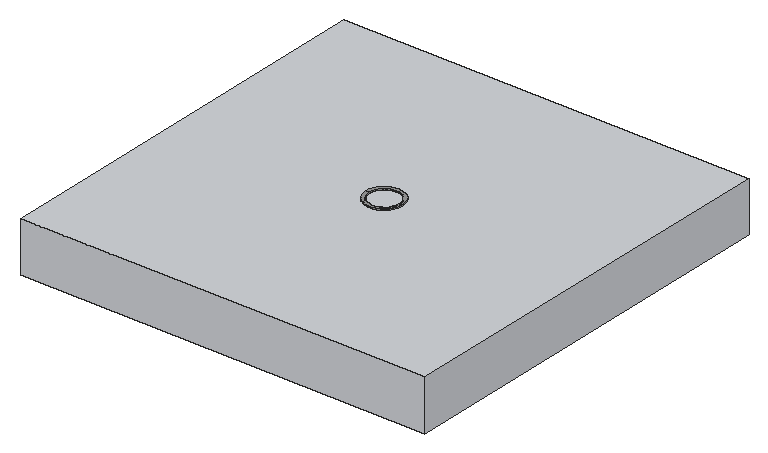
Revit family "LAMP_DOMO 220 G2 (DALI)", category Modelos genéricos, Revit 2015 (continued)
Definition of nested family "Cuerpo Domo220"
  Definition of nested family "LAMP_ARO IP54 OPAL 860612X"
    Parameters (values of type "WHITE")
      Manufacturer name = "LAMP"
      Manufacturer country = "Spain"
      Manufacturer URL = "http://www.lamp.es/en"
      Luminaire type = "Accessory"
      Last update = "14/05/2018"
      Installation instructions = ""
      Grosor aro = 3 mm
      Finish = "Matt white"
      Manufacturer = Manufacturer name  # "LAMP"
      Default Elevation = 1219.2 mm
      Diameter = 174 mm
      Description = "DOMO 220 ACC.TRANSP GLASS WH."
      Type Comments = Model explanation  # "Availability of switching between accessories through visibility parameters when placed in a project."
    Types (3, lengths in mm): name | Product datasheet | Product code | Model | Finish | Description
      (no name) | "http://www.lamp.es/product-files/TECH/8606140-EN.pdf" | "8606140" | "8606140" | "Matt white" | "DOMO 220 ACC.TRANSP GLASS WH."
      WHITE | "http://www.lamp.es/product-files/TECH/8606140-EN.pdf" | "8606140" | "8606140" | "Matt white" | "DOMO 220 ACC.TRANSP GLASS WH."
      GREY | "http://www.lamp.es/product-files/TECH/8606143-EN.pdf" | "8606143" | "8606143" | "Gloss grey" | "DOMO 220 ACC.TRANSP GLASS GR."
    Reference planes
      plane 1 "Centro (Frontal/Posterior)": y = 0
      plane 2: z = 0
      plane 3 "Centro (Izquierda/Derecha)": x = 0
      plane 4: z = 3
    Forms (mm)
      Extrusion 1, solid, material <- "Material Aro"
        sketch origin (0, 0, 0) x (1, 0, 0) y (0, 1, 0)
          loop
            circle (0, 0) r 113
          loop
            circle (0, 0) r 83.5
        from 0 to 3
      Extrusion 2, solid, material <- "Material Cristal"
        sketch origin (0, 0, 0) x (1, 0, 0) y (0, 1, 0)
          loop
            circle (0, 0) r 83.5
        from 1 to 3
    Text (mm)
      text "Any modification of the parameters and properties of the LAMP BIM models must be executed and validated by the LAMP technical department.\n\nPhone: +34 93 736 68 00\n\nE-mail: lamp@lamp.es\n\n\n\nLAMP reserves the right to modify the technical specifications of its products." at (189.655, 51.95, 129.596), in view "Preview"
    Dimensions and locks
      "Grosor aro": plane 4 to level
      aligned and locked: level to plane 2
      aligned and locked: plane 4 to Extrusion 1
      aligned and locked: Extrusion 1 to level
      aligned and locked: Extrusion 1 to plane 4
      aligned and locked: level to Extrusion 1
    Automatic sketch dimensions
      Extrusion 1 sketch curve to Extrusion 1 sketch curve = 0 mm  (x2)
      plane 1 "Centro (Frontal/Posterior)" to Extrusion 1 sketch curve = 0 mm
      Extrusion 1 sketch curve to plane 3 "Centro (Izquierda/Derecha)" = 0 mm
      plane 1 "Centro (Frontal/Posterior)" to Extrusion 2 sketch curve = 0 mm
      Extrusion 2 sketch curve to plane 3 "Centro (Izquierda/Derecha)" = 0 mm
      radius of Extrusion 1 sketch curve = 113 mm
      radius of Extrusion 1 sketch curve = 83.5 mm
      radius of Extrusion 2 sketch curve = 83.5 mm
  Definition of nested family "LAMP_DOMO ACC OPAL INT"
    Parameters (values of type "WHITE")
      Weight = 0.032 kg
      Protection rating = "IP20 / IK54"
      Product datasheet = "http://www.lamp.es/product-files/TECH/8606130-EN.pdf"
      Product code = "8606130"
      Model = Product code  # "8606130"
      Material interior = none
      Material exterior = none
      Manufacturer name = "LAMP"
      Manufacturer country = "Spain"
      Manufacturer URL = "http://www.lamp.es/en"
      Last update = "18/07/2018"
      Installation instructions = "http://www.lamp.es/product-files/INS/1002870-B-INSTR.%20ACCESORIOS%20DOMO.pdf"
      Manufacturer = Manufacturer name  # "LAMP"
      Default Elevation = 1219.2 mm
      Diameter = 126 mm
      Description = "DOMO 220 G2 ACC. INT OPAL DIFFUSER"
      Accessory Type = "Optic"
    Reference planes
      plane 1 "Centro (Frontal/Posterior)": y = 0
      plane 2: z = 0
      plane 3 "Centro (Izquierda/Derecha)": x = 0
    Forms (mm)
      Extrusion 1, solid, material <- "Material exterior"
        sketch origin (0, 0, 0) x (1, 0, 0) y (0, 1, 0)
          loop
            circle (0, 0) r 63
          loop
            circle (0, 0) r 54.5
        from 0 to 3
      Extrusion 2, solid, material <- "Material interior"
        sketch origin (0, 0, 0) x (1, 0, 0) y (0, 1, 0)
          loop
            circle (0, 0) r 54.5
        from 1 to 3
    Text (mm)
      text "Any modification of the parameters and properties of the LAMP BIM models must be executed and validated by the LAMP technical department.\n\nPhone: +34 93 736 68 00\n\nE-mail: lamp@lamp.es\n\n\n\nLAMP reserves the right to modify the technical specifications of its products." at (150.017, -59.647, 141.176), in view "Vista 1"
    Dimensions and locks
      aligned and locked: level to plane 2
Types (18, lengths in mm): name | Weight | Protection rating | Product datasheet | Product code | Power | Plum | Photometric web file | Modelo | LED Lifetime | Initial intensity | Initial color | Efficacy | Descripción
  2054LM 3000 | 1.51 kg | "IP20" | "http://www.lamp.es/product-files/TECH/DO2RD20SY830DW-EN.pdf" | "DO2RD20SY830DW" | 21 W | 23 W | Cuerpo Domo220 : 2054LM 3000 | "DO2RD20SY830DW" | "50.000 L90 B10" | 2054 lm | 3000 K | 89.3 lm/W | "DOMO 220 G2 2000 WW DALI"
  2136LM 4000 | 1.51 kg | "IP20" | "http://www.lamp.es/product-files/TECH/DO2RD20SY840DW-EN.pdf" | "DO2RD20SY840DW" | 21 W | 23 W | Cuerpo Domo220 : 2136LM 4000 | "DO2RD20SY840DW" | "50.000 L90 B10" | 2136 lm | 4000 K | 92.8 lm/W | "DOMO 220 G2 2000 NW DALI"
  2825LM 3000 | 1.51 kg | "IP20" | "http://www.lamp.es/product-files/TECH/DO2RD30SY830DW-EN.pdf" | "DO2RD30SY830DW" | 29 W | 32 W | Cuerpo Domo220 : 2825LM 3000 | "DO2RD30SY830DW" | "50.000 L90 B10" | 2825 lm | 3000 K | 88.3 lm/W | "DOMO 220 G2 3000 WW DALI"
  2938LM 4000 | 1.51 kg | "IP20" | "http://www.lamp.es/product-files/TECH/DO2RD30SY840DW-EN.pdf" | "DO2RD30SY840DW" | 29 W | 32 W | Cuerpo Domo220 : 2938LM 4000 | "DO2RD30SY840DW" | "50.000 L90 B10" | 2938 lm | 4000 K | 91.8 lm/W | "DOMO 220 G2 3000 NW DALI"
  3665LM 3000 | 1.508 kg | "IP20" | "http://www.lamp.es/product-files/TECH/DO2RD40SY830DW-EN.pdf" | "DO2RD40SY830DW" | 37 W | 40.5 W | Cuerpo Domo220 : 3665LM 3000 | "DO2RD40SY830DW" | "50.000 L80 B10" | 3665 lm | 3000 K | 90.5 lm/W | "DOMO 220 G2 4000 WW DALI"
  3812LM 4000 | 1.508 kg | "IP20" | "http://www.lamp.es/product-files/TECH/DO2RD40SY840DW-EN.pdf" | "DO2RD40SY840DW" | 37 W | 40.5 W | Cuerpo Domo220 : 3812LM 4000 | "DO2RD40SY840DW" | "50.000 L80 B10" | 3812 lm | 4000 K | 94.1 lm/W | "DOMO 220 G2 4000 NW DALI"
  1597LM 3000 OPAL GLASS ACC | 1.51 kg | "IP54" | "http://www.lamp.es/product-files/TECH/DO2RD20SY830DW+DIOPRD240W-EN.pdf" | "DO2RD20SY830DW+DIOPRD240W" | 21 W | 23 W | Cuerpo Domo220 : 1597LM 3000 OPAL GLASS ACC | "DO2RD20SY830DW+DIOPRD240W" | "50.000 L90 B10" | 1597 lm | 3000 K | 69.4 lm/W | "DOMO 220 G2 2000 WW DALI + DOMO 220 ACC. OPAL GLASS WH."
  1484LM 3000 INT OPAL GLASS ACC | 1.51 kg | "IP54" | "http://www.lamp.es/product-files/TECH/DO2RD20SY830DW+DITRRD240W-EN.pdf" | "DO2RD20SY830DW+DITRRD240W" | 21 W | 23 W | Cuerpo Domo220 : 1484LM 3000 INT OPAL GLASS ACC | "DO2RD20SY830DW+DITRRD240W" | "50.000 L90 B10" | 1815 lm | 3000 K | 78.9 lm/W | "DOMO 220 G2 2000 WW DALI + DOMO 220 ACC.TRANSP GLASS WH."
  1815LM 3000 GLASS ACC | 1.51 kg | "IP54" | "http://www.lamp.es/product-files/TECH/DO2RD20SY840DW+DIOPRD240W-EN.pdf" | "DO2RD20SY840DW+DIOPRD240W" | 21 W | 23 W | Cuerpo Domo220 : 1815LM 3000 GLASS ACC | "DO2RD20SY840DW+DIOPRD240W" | "50.000 L90 B10" | 1661 lm | 4000 K | 72.2 lm/W | "DOMO 220 G2 2000 NW DALI + DOMO 220 ACC. OPAL GLASS WH."
  1661LM 4000 OPAL GLASS ACC | 1.51 kg | "IP54" | "http://www.lamp.es/product-files/TECH/DO2RD20SY840DW+DITRRD240W-EN.pdf" | "DO2RD20SY840DW+DITRRD240W" | 21 W | 23 W | Cuerpo Domo220 : 1661LM 4000 OPAL GLASS ACC | "DO2RD20SY840DW+DITRRD240W" | "50.000 L80 B10" | 1888 lm | 4000 K | 82.1 lm/W | "DOMO 220 G2 2000 NW DALI + DOMO 220 ACC.TRANSP GLASS WH."
  1544LM 4000 INT OPAL GLASS ACC | 1.51 kg | "IP54" | "http://www.lamp.es/product-files/TECH/DO2RD30SY830DW+DIOPRD240W-EN.pdf" | "DO2RD30SY830DW+DIOPRD240W" | 29 W | 32 W | Cuerpo Domo220 : 1544LM 4000 INT OPAL GLASS ACC | "DO2RD30SY830DW+DIOPRD240W" | "50.000 L90 B10" | 2196 lm | 3000 K | 66.5 lm/W | "DOMO 220 G2 3000 WW DALI + DOMO 220 ACC. OPAL GLASS WH."
  1888LM 4000 GLASS ACC | 1.51 kg | "IP54" | "http://www.lamp.es/product-files/TECH/DO2RD30SY830DW+DITRRD240W-EN.pdf" | "DO2RD30SY830DW+DITRRD240W" | 29 W | 32 W | Cuerpo Domo220 : 1888LM 4000 GLASS ACC | "DO2RD30SY830DW+DITRRD240W" | "50.000 L90 B10" | 2497 lm | 3000 K | 75.7 lm/W | "DOMO 220 G2 3000 WW DALI + DOMO 220 ACC.TRANSP GLASS WH."
  2196LM 3000 OPAL GLASS ACC | 1.51 kg | "IP54" | "http://www.lamp.es/product-files/TECH/DO2RD30SY840DW+DIOPRD240W-EN.pdf" | "DO2RD30SY840DW+DIOPRD240W" | 29 W | 32 W | Cuerpo Domo220 : 2196LM 3000 OPAL GLASS ACC | "DO2RD30SY840DW+DIOPRD240W" | "50.000 L90 B10" | 2284 lm | 4000 K | 69.2 lm/W | "DOMO 220 G2 3000 NW DALI+ DOMO 220 ACC. OPAL GLASS WH."
  2042LM 3000 INT OPAL GLASS ACC | 1.51 kg | "IP54" | "http://www.lamp.es/product-files/TECH/DO2RD30SY840DW+DITRRD240W-EN.pdf" | "DO2RD30SY840DW+DITRRD240W" | 29 W | 32 W | Cuerpo Domo220 : 2042LM 3000 INT OPAL GLASS ACC | "DO2RD30SY840DW+DITRRD240W" | "50.000 L80 B10" | 2597 lm | 4000 K | 78.7 lm/W | "DOMO 220 G2 3000 NW DALI + DOMO 220 ACC.TRANSP GLASS WH."
  2497LM 3000 GLASS ACC | 1.508 kg | "IP54" | "http://www.lamp.es/product-files/TECH/DO2RD40SY830DW+DIOPRD240W-EN.pdf" | "DO2RD40SY830DW+DIOPRD240W" | 37 W | 40.5 W | Cuerpo Domo220 : 2497LM 3000 GLASS ACC | "DO2RD40SY830DW+DIOPRD240W" | "50.000 L90 B10" | 2849 lm | 3000 K | 67.8 lm/W | "DOMO 220 G2 4000 WW DALI + DOMO 220 ACC. OPAL GLASS WH."
  2284LM 4000 OPAL GLASS ACC | 1.508 kg | "IP54" | "http://www.lamp.es/product-files/TECH/DO2RD40SY830DW+DITRRD240W-EN.pdf" | "DO2RD40SY830DW+DITRRD240W" | 37 W | 40.5 W | Cuerpo Domo220 : 2284LM 4000 OPAL GLASS ACC | "DO2RD40SY830DW+DITRRD240W" | "50.000 L90 B10" | 3239 lm | 3000 K | 77.1 lm/W | "DOMO 220 G2 4000 WW DALI + DOMO 220 ACC.TRANSP GLASS WH."
  2123LM 4000 INT OPAL GLASS ACC | 1.508 kg | "IP54" | "http://www.lamp.es/product-files/TECH/DO2RD40SY840DW+DIOPRD240W-EN.pdf" | "DO2RD40SY840DW+DIOPRD240W" | 37 W | 40.5 W | Cuerpo Domo220 : 2123LM 4000 INT OPAL GLASS ACC | "DO2RD40SY840DW+DIOPRD240W" | "50.000 L90 B10" | 2963 lm | 4000 K | 70.5 lm/W | "DOMO 220 G2 4000 NW DALI + DOMO 220 ACC. OPAL GLASS WH."
  2597LM 4000 GLASS ACC | 1.508 kg | "IP54" | "http://www.lamp.es/product-files/TECH/DO2RD40SY840DW+DITRRD240W-EN.pdf" | "DO2RD40SY840DW+DITRRD240W" | 37 W | 40.5 W | Cuerpo Domo220 : 2597LM 4000 GLASS ACC | "DO2RD40SY840DW+DITRRD240W" | "50.000 L80 B10" | 3369 lm | 4000 K | 80.2 lm/W | "DOMO 220 G2 4000 NW DALI + DOMO 220 ACC.TRANSP GLASS WH."
